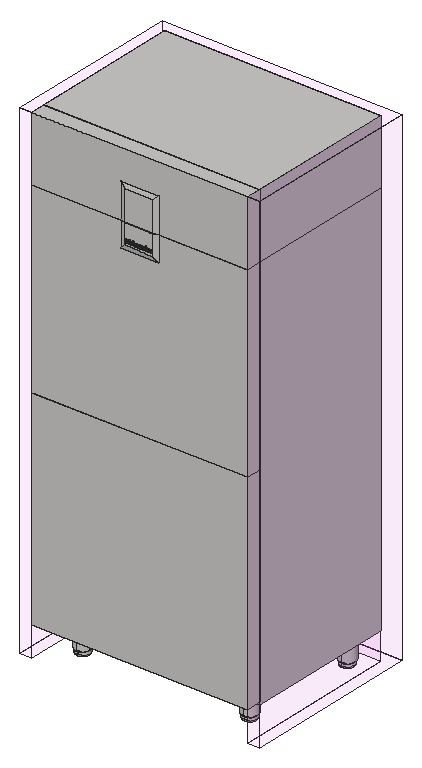
Revit family "QF_ELECTROLUXPROFESSIONAL_691361_PS06RF2FHC", category Specialty Equipment, Revit 2018
Family settings
  Round Connector Dimension = Use Diameter
  Part Type = Normal
  Work Plane-Based = No
  Always vertical = Yes
  Cut with Voids When Loaded = No
  Shared = No
  Room Calculation Point = No
Parameters (values of type "Standard")
  Weight = 29.8332 lbm
  Watts = 0 W
  Volts = 220 V
  URL Manufacturer = "http://professional.electrolux.com"
  URL = "http://professional.electrolux.com"
  Steam Supply Size = 0"
  Steam Supply Minimum Pressure = 0.00 psi
  Steam Supply Maximum Pressure = 0.00 psi
  Steam Pounds per Hour = 0
  Show Clearance [instance] = yes
  Refrigeration Suction Line Size = 0"
  Refrigeration Liquid Line Size = 0"
  Refrigerant Compressor Remote = yes
  Phase = 1
  Model = "PS06RF2FHC"
  Manufacturer = "Electrolux Professional"
  Length Actual = 900 mm  # constant formula
  Item Number = "691361"
  Hot Water Size = 0"
  Height Actual = 2040 mm  # constant formula
  HP = "0.6 HP"
  Gas Size = 0"
  Gas KW = 0
  Gas Input Pressure = 0.0 Btu/h
  Direct Waste Size = 0"
  Description = "2-DOOR DUAL REFRIGERATOR 720L 0/-22°,PROSTORE-R290"
  Depth Actual = 741 mm  # constant formula
  Cycle = 50 Hz
  Condensate Return Size = 0"
  Compressed Air Volume = 0 GPM
  Compressed Air Size = 0"
  Compressed Air Pressure = 0.00 psi
  Cold Water Size = 0"
  Accessory = yes
Types (2, lengths in mm): name | URL | Phase | Model | Manufacturer | Description
  (no name) | "http://professional.electrolux.com/" | 0 | "RBC201" | "Electrolux" | "BLAST CHILLER 56 KG 20 GN1/1"
  Standard | "http://professional.electrolux.com" | 1 | "PS06RF2FHC" | "Electrolux Professional" | "2-DOOR DUAL REFRIGERATOR 720L 0/-22°,PROSTORE-R290"
Values of the unnamed type that differ from the named types
  Volts = 380 V
  URL Manufacturer = "http://professional.electrolux.com/"
  Item Number = "726624"
Reference planes
  plane 1 "BACK": y = 0
  plane 2: z = 0
  plane 3 "LEFT": x = 0
  plane 4 "RIGHT": x = 900
  plane 5 "FRONT": y = -700
  plane 6 "TOP": z = 2040
  plane 7 "Center Y": x = 450
  plane 8 "Center X": y = -350
  plane 9: x = 102
  plane 10: x = 798
  plane 11: z = 115
  plane 12: z = 86
  plane 13: y = -80
  plane 14: y = -694
  plane 15: y = -1527
  plane 16: y = -630
  plane 17: z = 1770
  plane 18: x = -50
  plane 19: y = 50
  plane 20: x = 950
Forms (mm)
  Extrusion 1, solid, material "QF_Metal - Stainless - Polished"
    sketch origin (0, 0, 0) x (1, 0, 0) y (0, 0, 1)
      loop
        line (0, 2040) -> (0, 1770) -> (900, 1770) -> (900, 2040) -> (0, 2040)
    from 0 to 630
  Extrusion 2, solid, material "QF_Metal - Stainless - Polished"
    sketch origin (0, 0, 0) x (1, 0, 0) y (0, 0, 1)
      loop
        line (0, 1770) -> (0, 115) -> (900, 115) -> (900, 1770) -> (0, 1770)
    from 0 to 630
  Extrusion 3, solid, material "QF_Metal - Stainless - Polished"
    sketch origin (-370, 0, -128) x (1, 0, 0) y (0, 0, 1)
      loop
        circle (450, 1847.083) r 20
    from -7.507 to 0
  Extrusion 4, solid, material "QF_Door-Drawer Clearances", visible <- "Show Clearance", detail levels coarse
    sketch origin (0, 0, 0) x (1, 0, 0) y (0, 1, 0)
      loop
        line (900, -694) -> (0, -694)
        arc (0, -694) -> (275.209, -1299.35) -> (900, -1527) r 859.201
        line (900, -1527) -> (900, -694)
    from 127.536 to 995.399
  Extrusion 5, solid, material "QF_Metal - Stainless - Polished"
    sketch origin (0, 130.478, 0) x (1, 0, 0) y (0, 0, 1)
      loop
        line (0, 2040) -> (0, 1770) -> (900, 1770) -> (900, 2040) -> (0, 2040)
    from 760.478 to 824.478
  Revolve 6, solid, material "QF_Metal - Stainless - Polished"
    sketch origin (798, -2.833, 0) x (0, 1, 0) y (0, 0, -1)
      loop
        line (-590.954, -115) -> (-553.167, -115) -> (-553.167, 0) -> (-578.757, 0)
        arc (-578.757, 0) -> (-580.973, -2.655) -> (-581.767, -6.021) r 7.527
        line (-581.767, -6.021) -> (-581.767, -17.561) -> (-585.28, -21.074) -> (-585.28, -110.008) -> (-590.954, -110.008) -> (-590.954, -115)
      axis (-553.167, 0) -> (-553.167, -115)
    angle from 0 to 360
  Revolve 7, solid, material "QF_Metal - Stainless - Polished"
    sketch origin (102, -2.833, 0) x (0, 1, 0) y (0, 0, 1)
      loop
        line (-590.954, 115) -> (-590.954, 110.008) -> (-585.28, 110.008) -> (-585.28, 21.074) -> (-581.767, 17.561) -> (-581.767, 6.021)
        arc (-581.767, 6.021) -> (-580.973, 2.655) -> (-578.757, 0) r 7.527
        line (-578.757, 0) -> (-553.167, 0) -> (-553.167, 115) -> (-590.954, 115)
      axis (-553.167, 0) -> (-553.167, 115)
    angle from 0 to 360
  Revolve 8, solid, material "QF_Metal - Stainless - Polished"
    sketch origin (824, -759.167, 0) x (0, -1, 0) y (0, 0, 1)
      loop
        line (-716.954, 115) -> (-716.954, 110.008) -> (-711.28, 110.008) -> (-711.28, 21.074) -> (-707.767, 17.561) -> (-707.767, 6.021)
        arc (-707.767, 6.021) -> (-706.973, 2.655) -> (-704.757, 0) r 7.527
        line (-704.757, 0) -> (-679.167, 0) -> (-679.167, 115) -> (-716.954, 115)
      axis (-679.167, 0) -> (-679.167, 115)
    angle from 0 to 360
  Revolve 9, solid, material "QF_Metal - Stainless - Polished"
    sketch origin (76, -759.167, 0) x (0, -1, 0) y (0, 0, 1)
      loop
        line (-716.954, 115) -> (-716.954, 110.008) -> (-711.28, 110.008) -> (-711.28, 21.074) -> (-707.767, 17.561) -> (-707.767, 6.021)
        arc (-707.767, 6.021) -> (-706.973, 2.655) -> (-704.757, 0) r 7.527
        line (-704.757, 0) -> (-679.167, 0) -> (-679.167, 115) -> (-716.954, 115)
      axis (-679.167, 0) -> (-679.167, 115)
    angle from 0 to 360
  Blend 10, solid, material "QF_Metal - Stainless - Polished"
    base sketch origin (0, -694, 0) x (1, 0, 0) y (0, 0, 1)
      loop
        line (370, 1914.822) -> (370, 1664.822) -> (530, 1664.822) -> (530, 1914.822) -> (370, 1914.822)
    top sketch origin (0, -694, 0) x (1, 0, 0) y (0, 0, 1)
      loop
        line (510, 1894.822) -> (390, 1894.822) -> (390, 1684.822) -> (510, 1684.822) -> (510, 1894.822)
    from 0 to 6
  Extrusion 11, void
    sketch origin (0, -700, 0) x (-1, 0, 0) y (0, 0, 1)
      loop
        line (-370, 1770.997) -> (-530, 1770.997) -> (-530, 1769.003) -> (-370, 1769.003) -> (-370, 1770.997)
    from 0 to 6
  Extrusion 12, solid, material "QF_Door-Drawer Clearances"
    sketch origin (0, 0, 0) x (1, 0, 0) y (0, 1, 0)
      loop
        line (0, -694) -> (0, 0) -> (900, 0) -> (900, -694) -> (950, -694) -> (950, 50) -> (-50, 50) -> (-50, -694) -> (0, -694)
    from 0 to 2040
  Extrusion 13, solid, material "QF_Metal - Stainless - Polished"
    sketch origin (0, 140, 0) x (1, 0, 0) y (0, 0, 1)
      loop
        line (0, 1770) -> (0, 995.399) -> (900, 995.399) -> (900, 1770) -> (0, 1770)
    from 834 to 770
  Extrusion 14, solid, material "QF_Metal - Stainless - Polished"
    sketch origin (0, 140, 0) x (1, 0, 0) y (0, 0, 1)
      loop
        line (0, 995.399) -> (0, 127.536) -> (900, 127.536) -> (900, 995.399) -> (0, 995.399)
    from 834 to 770
  Extrusion 15, solid, material "QF_Door-Drawer Clearances", visible <- "Show Clearance", detail levels coarse
    sketch origin (0, 0, 0) x (1, 0, 0) y (0, 1, 0)
      loop
        line (900, -694) -> (0, -694)
        arc (0, -694) -> (275.209, -1299.35) -> (900, -1527) r 859.201
        line (900, -1527) -> (900, -694)
    from 995.399 to 1770
Cuts and joins
  Extrusion 11 cuts Extrusion 1
  Extrusion 11 cuts Extrusion 2
  Extrusion 11 cuts Extrusion 5
  Extrusion 11 cuts Blend 10
Lines and regions (mm)
  Split face 1
    outline origin (0, -700, 0) x (1, 0, 0) y (0, 0, 1)
      loop
        line (415, 1894.822) -> (415, 1742.499) -> (485, 1742.499) -> (485, 1894.822)
  symbolic lines
    curve 1: line (0, 0, 0) -> (900, 0, 0)
    curve 2: line (0, -694, 0) -> (0, 0, 0)
    curve 3: line (900, -694, 0) -> (0, -694, 0)
    curve 4: line (900, 0, 0) -> (900, -694, 0)
    curve 5: line (0, -630, 0) -> (900, -630, 0)
    curve 6: line (370, -694, 0) -> (390, -700, 0)
    curve 7: line (390, -700, 0) -> (510, -700, 0)
    curve 8: line (510, -700, 0) -> (530, -694, 0)
  symbolic lines, style "QF_Door-Drawer Clearances"
    curve 9: arc (0, -694, 0) -> (275.209, -1299.35, 0) -> (900, -1527, 0) r 859.201
    curve 10: line (900, -1527, 0) -> (900, -694, 0)
    curve 11: line (0, -694, 0) -> (-50, -694, 0)
    curve 12: line (-50, -694, 0) -> (-50, 50, 0)
    curve 13: line (-50, 50, 0) -> (950, 50, 0)
    curve 14: line (950, 50, 0) -> (950, -694, 0)
    curve 15: line (950, -694, 0) -> (900, -694, 0)
Dimensions and locks
  equal spacing: plane 3 "LEFT", plane 7 "Center Y", plane 4 "RIGHT"
  plane 3 "LEFT" to plane 4 "RIGHT" = 900 mm
  equal spacing: plane 5 "FRONT", plane 8 "Center X", plane 1 "BACK"
  plane 5 "FRONT" to plane 1 "BACK" = 700 mm
  plane 6 "TOP" to level = 2040 mm
  plane 9 to plane 3 "LEFT" = 102 mm
  plane 10 to plane 4 "RIGHT" = 102 mm
  plane 10 to plane 9 = 696 mm
  plane 11 to level = 115 mm
  plane 12 to plane 11 = 29 mm
  plane 1 "BACK" to plane 13 = 80 mm
  plane 15 to plane 1 "BACK" = 1527 mm
  plane 3 "LEFT" to Extrusion 4 = 900 mm
  plane 11 to plane 2 = 115 mm
  plane 1 "BACK" to plane 16 = 630 mm
  plane 18 to plane 3 "LEFT" = 50 mm
  plane 4 "RIGHT" to plane 20 = 50 mm
  plane 1 "BACK" to plane 19 = 50 mm
  aligned and locked: level to plane 2
  aligned and locked: Extrusion 5 to plane 4 "RIGHT"
  aligned and locked: Extrusion 5 to plane 3 "LEFT"
  aligned and locked: plane 5 "FRONT" to Blend 10
Automatic sketch dimensions
  Extrusion 1 sketch curve to plane 3 "LEFT" = 0 mm
  plane 4 "RIGHT" to Extrusion 1 sketch curve = 0 mm
  Extrusion 1 sketch curve to plane 17 = 0 mm
  Extrusion 1 sketch curve to plane 6 "TOP" = 0 mm
  Extrusion 2 sketch curve to plane 3 "LEFT" = 0 mm
  plane 4 "RIGHT" to Extrusion 2 sketch curve = 0 mm
  Extrusion 2 sketch curve to plane 11 = 0 mm
  Extrusion 2 sketch curve to plane 17 = 0 mm
  Extrusion 3 sketch curve to plane 9 = 22 mm
  Extrusion 3 sketch curve to plane 17 = 50.917 mm
  Extrusion 4 sketch curve to plane 3 "LEFT" = 0 mm
  Extrusion 4 sketch curve to plane 4 "RIGHT" = 0 mm
  Extrusion 4 sketch curve to plane 15 = 0 mm
  plane 14 to Extrusion 4 sketch curve = 0 mm
  Extrusion 4 sketch curve to plane 14 = 25.214 mm
  Extrusion 5 sketch curve to plane 3 "LEFT" = 0 mm
  plane 4 "RIGHT" to Extrusion 5 sketch curve = 0 mm
  Extrusion 5 sketch curve to plane 17 = 0 mm
  Extrusion 5 sketch curve to plane 6 "TOP" = 0 mm
  plane 11 to Revolve 6 sketch curve = 0 mm
  Revolve 6 sketch curve to level = 0 mm
  plane 16 to Revolve 6 sketch curve = 36.213 mm
  Revolve 6 sketch curve to Revolve 6 sketch curve = 5.674 mm
  Revolve 6 sketch curve to Revolve 6 sketch curve = 3.513 mm  (x2)
  Revolve 6 sketch curve to Revolve 6 sketch curve = 3.01 mm
  level to Revolve 6 sketch curve = 6.021 mm
  Revolve 6 sketch curve to Revolve 6 sketch curve = 21.073 mm
  Revolve 6 sketch curve to plane 11 = 4.992 mm  (x2)
  Revolve 6 sketch curve to Revolve 6 sketch curve = 15.053 mm
  Revolve 6 sketch curve to Revolve 6 sketch curve = 0 mm
  Revolve 6 sketch curve to Revolve 6 sketch curve = 20.008 mm
  Revolve 7 sketch curve to plane 11 = 0 mm
  Revolve 7 sketch curve to level = 0 mm
  plane 16 to Revolve 7 sketch curve = 36.213 mm
  Revolve 7 sketch curve to Revolve 7 sketch curve = 5.674 mm
  Revolve 7 sketch curve to Revolve 7 sketch curve = 3.513 mm  (x2)
  Revolve 7 sketch curve to Revolve 7 sketch curve = 3.01 mm
  level to Revolve 7 sketch curve = 6.021 mm
  Revolve 7 sketch curve to Revolve 7 sketch curve = 21.073 mm
  Revolve 7 sketch curve to Revolve 7 sketch curve = 11.54 mm
  Revolve 7 sketch curve to plane 11 = 4.992 mm
  Revolve 7 sketch curve to Revolve 7 sketch curve = 0 mm
  Revolve 7 sketch curve to Revolve 7 sketch curve = 4.992 mm
  plane 11 to Revolve 7 sketch curve = 20.008 mm
  Revolve 8 sketch curve to plane 11 = 0 mm
  Revolve 8 sketch curve to level = 0 mm
  Revolve 8 sketch curve to plane 13 = 0 mm  (x2)
  level to Revolve 8 sketch curve = 6.021 mm
  Revolve 8 sketch curve to plane 13 = 21.073 mm
  Revolve 8 sketch curve to Revolve 8 sketch curve = 4.517 mm
  Revolve 8 sketch curve to Revolve 8 sketch curve = 3.513 mm  (x2)
  Revolve 8 sketch curve to Revolve 8 sketch curve = 5.674 mm
  Revolve 8 sketch curve to Revolve 8 sketch curve = 11.54 mm
  Revolve 8 sketch curve to plane 11 = 4.992 mm
  Revolve 8 sketch curve to Revolve 8 sketch curve = 4.992 mm
  plane 11 to Revolve 8 sketch curve = 20.008 mm
  Revolve 9 sketch curve to plane 11 = 0 mm
  Revolve 9 sketch curve to level = 0 mm
  Revolve 9 sketch curve to plane 13 = 0 mm  (x2)
  Revolve 9 sketch curve to level = 6.021 mm
  plane 13 to Revolve 9 sketch curve = 21.073 mm
  Revolve 9 sketch curve to Revolve 9 sketch curve = 4.517 mm
  Revolve 9 sketch curve to Revolve 9 sketch curve = 3.513 mm  (x2)
  Revolve 9 sketch curve to Revolve 9 sketch curve = 5.674 mm
  Revolve 9 sketch curve to Revolve 9 sketch curve = 11.54 mm
  plane 11 to Revolve 9 sketch curve = 4.992 mm  (x2)
  Revolve 9 sketch curve to Revolve 9 sketch curve = 20.008 mm
  Blend 10 sketch curve to Blend 10 sketch curve = 160 mm
  Blend 10 sketch curve to Blend 10 sketch curve = 120 mm
  Split face 1 sketch curve to Blend 10 = 0 mm  (x2)
  Split face 1 sketch curve to Blend 10 = 25 mm  (x2)
  Split face 1 sketch curve to Blend 10 = 57.677 mm
  Extrusion 11 sketch curve to Blend 10 = 20 mm  (x2)
  Blend 10 to Extrusion 11 sketch curve = 84.181 mm
  Extrusion 11 sketch curve to Extrusion 11 sketch curve = 1.995 mm
  Extrusion 12 sketch curve to plane 18 = 0 mm
  plane 1 "BACK" to Extrusion 12 sketch curve = 0 mm
  Extrusion 12 sketch curve to plane 3 "LEFT" = 0 mm
  Extrusion 12 sketch curve to plane 4 "RIGHT" = 0 mm
  Extrusion 12 sketch curve to plane 19 = 0 mm
  Extrusion 12 sketch curve to plane 20 = 0 mm
  plane 14 to Extrusion 12 sketch curve = 0 mm  (x2)
  curve 13 to plane 18 = 0 mm
  curve 3 to plane 3 "LEFT" = 0 mm
  plane 5 "FRONT" to curve 7 = 0 mm
  curve 9 to plane 4 "RIGHT" = 0 mm
  curve 15 to plane 4 "RIGHT" = 0 mm
  plane 14 to curve 14 = 0 mm
  curve 14 to plane 20 = 0 mm
  curve 10 to plane 15 = 0 mm
  curve 5 to plane 16 = 0 mm
  plane 1 "BACK" to curve 4 = 0 mm
  curve 13 to plane 19 = 0 mm
  curve 7 to plane 7 "Center Y" = 60 mm
  plane 7 "Center Y" to curve 8 = 60 mm
  curve 9 to plane 14 = 25.214 mm
  curve 6 to curve 6 = 20 mm
  curve 7 to curve 8 = 20 mm
  Blend 10 sketch curve to plane 7 "Center Y" = 80 mm
  Blend 10 sketch curve to plane 17 = 105.178 mm
  Blend 10 sketch curve to plane 6 "TOP" = 125.178 mm
  Blend 10 sketch curve to plane 7 "Center Y" = 60 mm
  Blend 10 sketch curve to plane 17 = 85.178 mm
  plane 17 to Blend 10 sketch curve = 124.822 mm
  Extrusion 13 sketch curve to plane 3 "LEFT" = 0 mm
  Extrusion 13 sketch curve to plane 17 = 0 mm
  plane 7 "Center Y" to Extrusion 13 sketch curve = 450 mm
  Extrusion 13 sketch curve to Extrusion 13 sketch curve = 774.601 mm
  Extrusion 14 sketch curve to plane 3 "LEFT" = 0 mm
  plane 11 to Extrusion 14 sketch curve = 12.536 mm
  plane 7 "Center Y" to Extrusion 14 sketch curve = 450 mm
  Extrusion 14 sketch curve to plane 17 = 774.601 mm
  Extrusion 15 sketch curve to plane 3 "LEFT" = 0 mm
  Extrusion 15 sketch curve to plane 4 "RIGHT" = 0 mm
  Extrusion 15 sketch curve to plane 15 = 0 mm
  plane 14 to Extrusion 15 sketch curve = 0 mm
  Extrusion 15 sketch curve to plane 14 = 25.214 mm
  radius of Extrusion 3 sketch curve = 20 mm
Nested families
  nested 1: "ELX_Logo_S" at (450.625, -700, 1704.375) x (1, 0, 0) z (0, -1, 0), type "ELX_Logo_S"
Connectors
  electrical at (80, 7.507, 1719.083), driven by "Volts"
    settings: on Extrusion 3, index 2, voltage 220 V, apparent load 0 VA, apparent load phase1 0 VA, apparent load phase2 0 VA, apparent load phase3 0 VA, power factor 1, load classification "Other", number of poles 1, system type 30, power factor state 1, is connector primary yes, connector utility no, sub classification motor no, connector description "Electrical Connection"
Definition of nested family "ELX_Logo_S"
  Parameters (values of type "ELX_Logo_S")
    Default Elevation = 0 mm
  Reference planes
    plane 1 "Centro (Fronte/Retro)": y = 0
    plane 2: z = 0
    plane 3 "Centro (Sinistra/Destra)": x = 0
  Forms (mm)
    Extrusion 1, solid
      sketch origin (0, 0, 0) x (1, 0, 0) y (0, 1, 0)
        loop
          line (-1219.2, 1219.2) -> (-1219.2, -1219.2) -> (1219.2, -1219.2) -> (1219.2, 1219.2) -> (-1219.2, 1219.2)
      from 0 to -304.8
    Extrusion 2, solid
      sketch origin (0, 0, 0) x (1, 0, 0) y (0, 1, 0)
        loop
          line (-43.793, 5.912) -> (-43.793, -6.455)
          arc (-43.793, -6.455) -> (-39.222, -0.272) -> (-43.793, 5.912) r 6.467
        loop
          arc (-44.422, 5.912) -> (-49.565, 4.743) -> (-52.043, 0.087) r 6.338
          line (-52.043, 0.087) -> (-49.997, 0.087)
          arc (-49.997, 0.087) -> (-46.342, 1.57) -> (-44.422, 5.016) r 5.941
          line (-44.422, 5.016) -> (-44.422, 5.912)
        loop
          arc (-44.422, -5.559) -> (-46.342, -2.114) -> (-49.997, -0.63) r 5.941
          line (-49.997, -0.63) -> (-52.043, -0.63)
          arc (-52.043, -0.63) -> (-49.569, -5.324) -> (-44.422, -6.614) r 6.504
          line (-44.422, -6.614) -> (-44.422, -5.559)
        loop
          line (-52.512, 6.586) -> (-52.512, -7.158) -> (-38.749, -7.158) -> (-38.749, 6.586) -> (-52.512, 6.586)
        loop
          arc (-35.782, 6.67) -> (-36.139, 6.322) -> (-35.801, 5.955) r 0.358
          arc (-35.801, 5.955) -> (-35.051, 5.641) -> (-34.666, 4.924) r 1.216
          line (-34.666, 4.924) -> (-34.666, -5.488)
          arc (-34.666, -5.488) -> (-34.944, -6.148) -> (-35.54, -6.544) r 1.238
          arc (-35.54, -6.544) -> (-35.791, -6.939) -> (-35.437, -7.244) r 0.358
          line (-35.437, -7.244) -> (-25.558, -7.244) -> (-25.558, -4.494) -> (-26.455, -4.494)
          arc (-26.455, -4.494) -> (-27.035, -5.403) -> (-28.012, -5.858) r 1.928
          line (-28.012, -5.858) -> (-30.511, -5.858)
          arc (-30.511, -5.858) -> (-31.24, -5.583) -> (-31.604, -4.894) r 1.101
          line (-31.604, -4.894) -> (-31.604, -0.808) -> (-27.931, -0.808)
          arc (-27.931, -0.808) -> (-27.434, -1.16) -> (-27.206, -1.725) r 1.083
          arc (-27.206, -1.725) -> (-26.9, -1.989) -> (-26.622, -1.697) r 0.292
          line (-26.622, -1.697) -> (-26.622, 1.265)
          arc (-26.622, 1.265) -> (-26.895, 1.568) -> (-27.225, 1.329) r 0.305
          arc (-27.225, 1.329) -> (-27.473, 0.839) -> (-27.931, 0.534) r 1.083
          line (-27.931, 0.534) -> (-31.604, 0.534) -> (-31.604, 5.211) -> (-27.857, 5.211)
          arc (-27.857, 5.211) -> (-27.101, 4.997) -> (-26.603, 4.39) r 1.314
          arc (-26.603, 4.39) -> (-26.199, 4.171) -> (-25.907, 4.526) r 0.361
          line (-25.907, 4.526) -> (-25.907, 6.67) -> (-35.782, 6.67)
        loop
          arc (-25.126, 5.953) -> (-24.207, 5.572) -> (-23.827, 4.654) r 1.299
          line (-23.827, 4.654) -> (-23.827, -4.925)
          arc (-23.827, -4.925) -> (-24.205, -5.763) -> (-25.083, -6.035) r 1.118
          line (-25.083, -6.035) -> (-25.083, -7.244) -> (-19.733, -7.244) -> (-19.733, -6.056)
          arc (-19.733, -6.056) -> (-20.65, -5.784) -> (-21.046, -4.914) r 1.153
          line (-21.046, -4.914) -> (-21.046, 7.158) -> (-25.126, 5.953)
        loop
          line (-17.097, -2.28) -> (-10.65, -2.28) -> (-10.65, -1.481)
          arc (-10.65, -1.481) -> (-11.634, 1.1) -> (-14.088, 2.369) r 3.874
          line (-14.088, 2.369) -> (-15.848, 2.369)
          arc (-15.848, 2.369) -> (-18.713, 1.182) -> (-19.899, -1.682) r 4.051
          line (-19.899, -1.682) -> (-19.899, -3.691)
          arc (-19.899, -3.691) -> (-18.414, -6.509) -> (-15.407, -7.561) r 4.352
          arc (-15.407, -7.561) -> (-12.944, -7.196) -> (-10.87, -5.819) r 5.713
          line (-10.87, -5.819) -> (-10.87, -4.87)
          arc (-10.87, -4.87) -> (-12.439, -5.603) -> (-14.157, -5.819) r 5.579
          arc (-14.157, -5.819) -> (-16.12, -5.025) -> (-17.097, -3.146) r 3.057
          line (-17.097, -3.146) -> (-17.097, -2.28)
        loop
          line (-17.097, -1.02) -> (-13.515, -1.02)
          arc (-13.515, -1.02) -> (-13.468, 0.436) -> (-14.627, 1.319) r 1.59
          line (-14.627, 1.319) -> (-15.457, 1.319)
          arc (-15.457, 1.319) -> (-16.712, 0.455) -> (-17.097, -1.02) r 2.184
        loop
          arc (-1.232, 1.771) -> (-2.906, 2.259) -> (-4.643, 2.417) r 9.023
          line (-4.643, 2.417) -> (-6.005, 2.417)
          arc (-6.005, 2.417) -> (-8.805, 1.257) -> (-9.965, -1.542) r 3.959
          line (-9.965, -1.542) -> (-9.965, -4.142)
          arc (-9.965, -4.142) -> (-8.672, -6.424) -> (-6.299, -7.541) r 4.331
          line (-6.299, -7.541) -> (-4.164, -7.541)
          arc (-4.164, -7.541) -> (-2.614, -7.033) -> (-1.268, -6.112) r 5.772
          arc (-1.268, -6.112) -> (-1.217, -5.35) -> (-1.976, -5.263) r 0.553
          arc (-1.976, -5.263) -> (-2.71, -5.651) -> (-3.529, -5.785) r 2.573
          line (-3.529, -5.785) -> (-5.044, -5.785)
          arc (-5.044, -5.785) -> (-6.686, -4.779) -> (-7.328, -2.965) r 2.884
          line (-7.328, -2.965) -> (-7.328, -1.686)
          arc (-7.328, -1.686) -> (-6.768, 0.135) -> (-5.103, 1.062) r 2.554
          line (-5.103, 1.062) -> (-4.05, 1.062)
          arc (-4.05, 1.062) -> (-3.122, 0.73) -> (-2.387, 0.073) r 2.564
          arc (-2.387, 0.073) -> (-1.67, -0.148) -> (-1.232, 0.461) r 0.643
          line (-1.232, 0.461) -> (-1.232, 1.771)
        loop
          line (-0.962, 0.752) -> (0.539, 0.752) -> (0.539, -5.296)
          arc (0.539, -5.296) -> (1.197, -6.884) -> (2.785, -7.541) r 2.246
          line (2.785, -7.541) -> (4.369, -7.541)
          arc (4.369, -7.541) -> (5.233, -7.228) -> (6.005, -6.727) r 4.06
          arc (6.005, -6.727) -> (6.138, -5.995) -> (5.437, -5.743) r 0.576
          arc (5.437, -5.743) -> (4.911, -5.849) -> (4.379, -5.785) r 1.69
          arc (4.379, -5.785) -> (3.591, -5.244) -> (3.288, -4.337) r 1.506
          line (3.288, -4.337) -> (3.288, 0.801) -> (5.685, 0.801) -> (6.241, 1.357) -> (6.241, 2.179) -> (3.382, 2.179) -> (3.382, 5.41) -> (-0.962, 0.752)
        loop
          line (7.139, -7.324) -> (12.526, -7.324) -> (12.526, -6.214)
          arc (12.526, -6.214) -> (11.575, -5.82) -> (11.181, -4.869) r 1.345
          line (11.181, -4.869) -> (11.181, -1.253)
          arc (11.181, -1.253) -> (11.773, -0.488) -> (12.695, -0.199) r 1.615
          line (12.695, -0.199) -> (14.251, -0.199) -> (14.936, 2.357) -> (13.553, 2.357) -> (10.994, 0.414) -> (10.994, 2.295) -> (8.288, 2.01)
          arc (8.288, 2.01) -> (7.758, 1.571) -> (7.959, 0.912) r 0.621
          arc (7.959, 0.912) -> (8.301, 0.512) -> (8.484, 0.018) r 1.501
          line (8.484, 0.018) -> (8.484, -4.869)
          arc (8.484, -4.869) -> (8.09, -5.82) -> (7.139, -6.214) r 1.345
          line (7.139, -6.214) -> (7.139, -7.324)
        loop
          line (14.473, -1.222) -> (14.473, -3.914)
          arc (14.473, -3.914) -> (15.781, -6.36) -> (18.311, -7.494) r 4.288
          arc (18.311, -7.494) -> (19.692, -7.557) -> (21.072, -7.494) r 15.022
          arc (21.072, -7.494) -> (23.603, -6.36) -> (24.91, -3.914) r 4.288
          line (24.91, -3.914) -> (24.91, -1.222)
          arc (24.91, -1.222) -> (23.603, 1.223) -> (21.072, 2.357) r 4.288
          arc (21.072, 2.357) -> (19.692, 2.421) -> (18.311, 2.357) r 15.022
          arc (18.311, 2.357) -> (15.781, 1.223) -> (14.473, -1.222) r 4.288
        loop
          line (17.587, -1.017) -> (17.587, -4.119)
          arc (17.587, -4.119) -> (19.744, -6.276) -> (21.901, -4.119) r 2.157
          line (21.901, -4.119) -> (21.901, -1.017)
          arc (21.901, -1.017) -> (19.744, 1.14) -> (17.587, -1.017) r 2.157
        loop
          arc (24.768, 5.964) -> (25.662, 5.593) -> (26.033, 4.699) r 1.264
          line (26.033, 4.699) -> (26.033, -5.165)
          arc (26.033, -5.165) -> (25.636, -6.035) -> (24.72, -6.307) r 1.153
          line (24.72, -6.307) -> (24.72, -7.244) -> (29.828, -7.244) -> (29.828, -6.316)
          arc (29.828, -6.316) -> (29.056, -5.957) -> (28.741, -5.165) r 1.153
          line (28.741, -5.165) -> (28.741, 7.158) -> (24.768, 5.964)
        loop
          arc (29.365, 1.084) -> (30.43, 0.885) -> (30.912, -0.085) r 1.215
          line (30.912, -0.085) -> (30.912, -5.105)
          arc (30.912, -5.105) -> (31.559, -6.719) -> (33.142, -7.44) r 2.338
          line (33.142, -7.44) -> (34.657, -7.44)
          arc (34.657, -7.44) -> (35.661, -7.266) -> (36.547, -6.763) r 2.979
          line (36.547, -6.763) -> (38.344, -7.244) -> (40.032, -7.244) -> (40.032, 2.181) -> (35.829, 1.887) -> (35.829, 1.101)
          arc (35.829, 1.101) -> (36.665, 0.745) -> (37.174, -0.007) r 1.605
          line (37.174, -0.007) -> (37.174, -5.11)
          arc (37.174, -5.11) -> (36.237, -5.531) -> (35.213, -5.603) r 2.94
          arc (35.213, -5.603) -> (34.112, -5.042) -> (33.669, -3.889) r 1.724
          line (33.669, -3.889) -> (33.669, 2.307) -> (29.365, 1.084)
        loop
          line (40.886, 2.112) -> (42.932, 0.44) -> (45.238, -2.734) -> (42.126, -6.191)
          arc (42.126, -6.191) -> (41.732, -6.428) -> (41.273, -6.405) r 0.789
          line (41.273, -6.405) -> (41.273, -7.244) -> (44.818, -7.244) -> (44.818, -6.418)
          arc (44.818, -6.418) -> (44.456, -6.076) -> (44.548, -5.586) r 0.52
          line (44.548, -5.586) -> (46.019, -3.786) -> (47.394, -5.904)
          arc (47.394, -5.904) -> (47.084, -6.305) -> (46.585, -6.392) r 0.7
          line (46.585, -6.392) -> (46.585, -7.244) -> (52.512, -7.244) -> (52.512, -6.358)
          arc (52.512, -6.358) -> (51.853, -6.291) -> (51.322, -5.896) r 1.247
          line (51.322, -5.896) -> (48.041, -1.696) -> (50.094, 0.751) -> (51.836, 2.112) -> (48.112, 2.112) -> (48.535, 0.627) -> (47.258, -0.895) -> (46.068, 0.806) -> (46.844, 2.112) -> (40.886, 2.112)
      from 0 to 1.644
  Dimensions and locks
    aligned and locked: plane 2 to Extrusion 1
    aligned and locked: level to Extrusion 1
